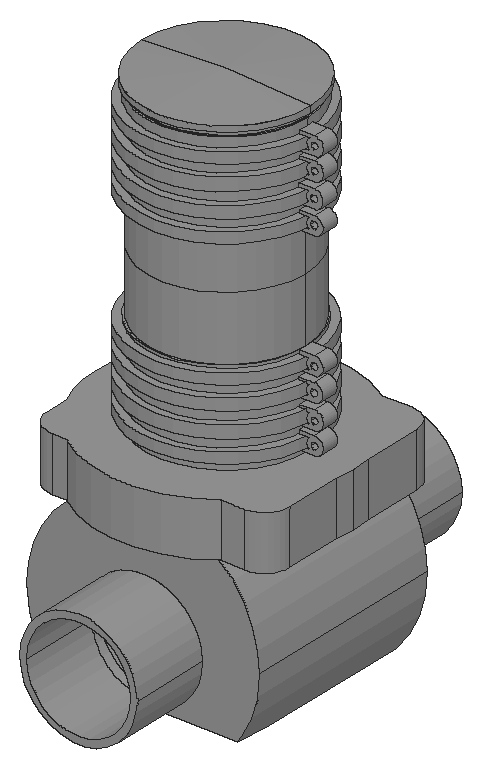
Revit family "BV1200-R", category Plumbing Fixtures, Revit 2013
Parameters
  URL = "www.mifab.com"
  Model = "BV-1200R"
  Manufacturer = "Mifab"
  Grate Material = Nickel Bronze
  Description = "Cast iron backwater valve with bronze flapper and nickel bronze access cover"
  Body Material = Cast iron
Reference planes (in)
  plane 1 "Center (Front/Back)": y = 0
  plane 2: z = 0
  plane 3 "Center (Left/Right)": x = 0
  plane 4: z = -52
Forms (in)
  Revolve 1, solid, material "Cast iron" <- "Body Material"
    sketch origin (0, 0, 0) x (1, 0, 0) y (0, 0, 1)
      loop
        line (-27.5885, 0) -> (-27.5885, -49) -> (-27.5885, -103.58011) -> (-25.19006, -103.58011) -> (-25.19006, -51.39844) -> (-25.19006, 0) -> (-27.5885, 0)
      axis (0, 0) -> (0, -103.58011)
    angle from 0 to 360
  Revolve 2, solid, material "Cast iron" <- "Body Material"
    sketch origin (0, 0, 47.33) x (1, 0, 0) y (0, 0, 1)
      loop
        line (28.32069, -80.08731) -> (28.32069, -79.17927) -> (31.12596, -79.17927) -> (31.12596, -75.45223) -> (28.32069, -75.45223) -> (28.32069, -71.38636) -> (31.12596, -71.38636) -> (31.12596, -67.3205) -> (28.41538, -67.3205) -> (28.41538, -62.91581) -> (31.12596, -62.91581) -> (31.12596, -58.51113) -> (28.41538, -58.51113) -> (28.41538, -54.44526) -> (31.12596, -54.44526) -> (31.12596, -50.71822) -> (28.41538, -50.71822) -> (28.41538, -47.42559) -> (25.02716, -47.42559) -> (25.02716, -80.08731) -> (28.32069, -80.08731)
      axis (0, -47.42559) -> (0, -80.08731)
    angle from 0 to 360
  Extrusion 3, solid, material "Cast iron" <- "Body Material"
    sketch origin (14.52794, 0, 46.08) x (1, 0, 0) y (0, 0, 1)
      loop
        line (14.06987, -49.43356) -> (17.91352, -49.43356)
        arc (17.91352, -49.43356) -> (16.72367, -51.4378) -> (18.08464, -53.33) r 2.12773
        line (18.08464, -53.33) -> (14.06987, -53.33) -> (14.06987, -54.56937) -> (19.31633, -54.56937)
        arc (19.31633, -54.56937) -> (22.44928, -51.43642) -> (19.31633, -48.30348) r 3.13295
        line (19.31633, -48.30348) -> (14.06987, -48.30348) -> (14.06987, -49.43356)
      loop
        circle (19.41354, -51.26914) r 1.25
    from -2.00738 to 3.80147
  Revolve 4, solid, material "Nickel Bronze" <- "Grate Material"
    sketch origin (0, 0, 0) x (1, 0, 0) y (0, 0, 1)
      loop
        line (-27.56987, -0.07059) -> (0, -0.07059) -> (0, 5.40427)
        arc (0, 5.40427) -> (-14.68338, 5.08345) -> (-29.31987, 3.86768) r 240.69237
        line (-29.31987, 3.86768) -> (-29.31987, 1.86768) -> (-27.56987, 1.86768) -> (-27.56987, -0.07059)
      axis (0, 5.40427) -> (0, -0.07059)
    angle from 0 to 360
  Extrusion 5, solid, material "Cast iron" <- "Body Material"
    sketch origin (14.52794, 0, 38.25244) x (1, 0, 0) y (0, 0, 1)
      loop
        line (14.06987, -49.43356) -> (17.91352, -49.43356)
        arc (17.91352, -49.43356) -> (16.72367, -51.4378) -> (18.08464, -53.33) r 2.12773
        line (18.08464, -53.33) -> (14.06987, -53.33) -> (14.06987, -54.56937) -> (19.31633, -54.56937)
        arc (19.31633, -54.56937) -> (22.44928, -51.43642) -> (19.31633, -48.30348) r 3.13295
        line (19.31633, -48.30348) -> (14.06987, -48.30348) -> (14.06987, -49.43356)
      loop
        circle (19.41354, -51.26914) r 1.25
    from -2.00738 to 3.80147
  Extrusion 6, solid, material "Cast iron" <- "Body Material"
    sketch origin (14.43013, 0, 29.58) x (1, 0, 0) y (0, 0, 1)
      loop
        line (14.06987, -49.43356) -> (17.91352, -49.43356)
        arc (17.91352, -49.43356) -> (16.72367, -51.4378) -> (18.08464, -53.33) r 2.12773
        line (18.08464, -53.33) -> (14.06987, -53.33) -> (14.06987, -54.56937) -> (19.31633, -54.56937)
        arc (19.31633, -54.56937) -> (22.44928, -51.43642) -> (19.31633, -48.30348) r 3.13295
        line (19.31633, -48.30348) -> (14.06987, -48.30348) -> (14.06987, -49.43356)
      loop
        circle (19.41354, -51.26914) r 1.25
    from -2.00738 to 3.80147
  Extrusion 7, solid, material "Cast iron" <- "Body Material"
    sketch origin (14.46904, 0, 21.31134) x (1, 0, 0) y (0, 0, 1)
      loop
        line (14.06987, -49.43356) -> (17.91352, -49.43356)
        arc (17.91352, -49.43356) -> (16.72367, -51.4378) -> (18.08464, -53.33) r 2.12773
        line (18.08464, -53.33) -> (14.06987, -53.33) -> (14.06987, -54.56937) -> (19.31633, -54.56937)
        arc (19.31633, -54.56937) -> (22.44928, -51.43642) -> (19.31633, -48.30348) r 3.13295
        line (19.31633, -48.30348) -> (14.06987, -48.30348) -> (14.06987, -49.43356)
      loop
        circle (19.41354, -51.26914) r 1.25
    from -2.00738 to 3.80147
  Revolve 8, solid, material "Cast iron" <- "Body Material"
    sketch origin (0, 0, -151.33) x (1, 0, 0) y (0, 0, -1)
      loop
        line (28.32069, -80.08731) -> (28.32069, -79.17927) -> (31.12596, -79.17927) -> (31.12596, -75.45223) -> (28.32069, -75.45223) -> (28.32069, -71.38636) -> (31.12596, -71.38636) -> (31.12596, -67.3205) -> (28.41538, -67.3205) -> (28.41538, -62.91581) -> (31.12596, -62.91581) -> (31.12596, -58.51113) -> (28.41538, -58.51113) -> (28.41538, -54.44526) -> (31.12596, -54.44526) -> (31.12596, -50.71822) -> (28.41538, -50.71822) -> (28.41538, -47.42559) -> (25.02716, -47.42559) -> (25.02716, -80.08731) -> (28.32069, -80.08731)
      axis (0, -47.42559) -> (0, -80.08731)
    angle from 0 to 360
  Extrusion 9, solid, material "Cast iron" <- "Body Material"
    sketch origin (14.52794, 0, -150.08) x (1, 0, 0) y (0, 0, 1)
      loop
        line (14.06987, 49.43356) -> (14.06987, 48.30348) -> (19.31633, 48.30348)
        arc (19.31633, 48.30348) -> (22.44928, 51.43642) -> (19.31633, 54.56937) r 3.13295
        line (19.31633, 54.56937) -> (14.06987, 54.56937) -> (14.06987, 53.33) -> (18.08464, 53.33)
        arc (18.08464, 53.33) -> (16.72367, 51.4378) -> (17.91352, 49.43356) r 2.12773
        line (17.91352, 49.43356) -> (14.06987, 49.43356)
      loop
        circle (19.41354, 51.26914) r 1.25
    from -2.00738 to 3.80147
  Extrusion 10, solid, material "Cast iron" <- "Body Material"
    sketch origin (14.52794, 0, -142.25244) x (1, 0, 0) y (0, 0, 1)
      loop
        line (14.06987, 49.43356) -> (14.06987, 48.30348) -> (19.31633, 48.30348)
        arc (19.31633, 48.30348) -> (22.44928, 51.43642) -> (19.31633, 54.56937) r 3.13295
        line (19.31633, 54.56937) -> (14.06987, 54.56937) -> (14.06987, 53.33) -> (18.08464, 53.33)
        arc (18.08464, 53.33) -> (16.72367, 51.4378) -> (17.91352, 49.43356) r 2.12773
        line (17.91352, 49.43356) -> (14.06987, 49.43356)
      loop
        circle (19.41354, 51.26914) r 1.25
    from -2.00738 to 3.80147
  Extrusion 11, solid, material "Cast iron" <- "Body Material"
    sketch origin (14.43013, 0, -133.58) x (1, 0, 0) y (0, 0, 1)
      loop
        line (14.06987, 49.43356) -> (14.06987, 48.30348) -> (19.31633, 48.30348)
        arc (19.31633, 48.30348) -> (22.44928, 51.43642) -> (19.31633, 54.56937) r 3.13295
        line (19.31633, 54.56937) -> (14.06987, 54.56937) -> (14.06987, 53.33) -> (18.08464, 53.33)
        arc (18.08464, 53.33) -> (16.72367, 51.4378) -> (17.91352, 49.43356) r 2.12773
        line (17.91352, 49.43356) -> (14.06987, 49.43356)
      loop
        circle (19.41354, 51.26914) r 1.25
    from -2.00738 to 3.80147
  Extrusion 12, solid, material "Cast iron" <- "Body Material"
    sketch origin (14.46904, 0, -125.31134) x (1, 0, 0) y (0, 0, 1)
      loop
        line (14.06987, 49.43356) -> (14.06987, 48.30348) -> (19.31633, 48.30348)
        arc (19.31633, 48.30348) -> (22.44928, 51.43642) -> (19.31633, 54.56937) r 3.13295
        line (19.31633, 54.56937) -> (14.06987, 54.56937) -> (14.06987, 53.33) -> (18.08464, 53.33)
        arc (18.08464, 53.33) -> (16.72367, 51.4378) -> (17.91352, 49.43356) r 2.12773
        line (17.91352, 49.43356) -> (14.06987, 49.43356)
      loop
        circle (19.41354, 51.26914) r 1.25
    from -2.00738 to 3.80147
Dimensions and locks (in)
  equal spacing: level, plane 4, nested 1, locked at 52 each
  aligned and locked: level to plane 2
  aligned and locked: Revolve 1 sketch curve to level
  aligned and locked: Revolve 1 sketch curve to plane 3 "Center (Left/Right)"
  aligned and locked: Revolve 1 sketch curve to Revolve 1 sketch curve  (x2)
  aligned and locked: Revolve 2 sketch curve to Revolve 2 sketch curve  (x6)
  aligned and locked: Revolve 4 sketch curve to plane 3 "Center (Left/Right)"
  aligned and locked: Revolve 8 sketch curve to Revolve 8 sketch curve  (x6)
Automatic sketch dimensions
  Revolve 1 sketch curve to plane 3 "Center (Left/Right)" = 2' - 3.5885"
  Revolve 1 sketch curve to plane 3 "Center (Left/Right)" = 2' - 1.19006"
  Revolve 1 sketch curve to plane 4 = 4' - 3.58011"
  plane 4 to Revolve 1 sketch curve = 0' - 0 77/128"
  plane 4 to Revolve 1 sketch curve = 0' - 3"
  Revolve 1 sketch curve to Revolve 1 sketch curve = 0' - 8.58011"
  level to Revolve 1 sketch curve = 1' - 0"
  Revolve 2 sketch curve to level = 0' - 0.09559"
  plane 3 "Center (Left/Right)" to Revolve 2 sketch curve = 2' - 1.02716"
  plane 4 to Revolve 2 sketch curve = 1' - 7.24269"
  Revolve 2 sketch curve to plane 3 "Center (Left/Right)" = 0' - 0"
  Revolve 2 sketch curve to Revolve 2 sketch curve = 0' - 3.29353"
  Revolve 2 sketch curve to Revolve 2 sketch curve = 0' - 0"
  Revolve 2 sketch curve to Revolve 2 sketch curve = 0' - 3.38822"
  Revolve 2 sketch curve to Revolve 2 sketch curve = 0' - 2.80526"
  Revolve 2 sketch curve to Revolve 2 sketch curve = 0' - 0.90804"
  Revolve 2 sketch curve to Revolve 2 sketch curve = 0' - 3.72704"
  Revolve 2 sketch curve to Revolve 2 sketch curve = 0' - 4.06586"  (x3)
  Revolve 2 sketch curve to Revolve 2 sketch curve = 0' - 4.40469"  (x2)
  Revolve 2 sketch curve to level = 0' - 3.38822"
  plane 4 to Revolve 2 sketch curve = 1' - 7"
  level to Revolve 2 sketch curve = 0' - 6"
  Extrusion 3 sketch curve to level = 0' - 3.35356"
  plane 3 "Center (Left/Right)" to Extrusion 3 sketch curve = 2' - 4.59781"
  Extrusion 3 sketch curve to level = 0' - 8.48937"
  Extrusion 3 sketch curve to Extrusion 3 sketch curve = 0' - 0"
  Extrusion 3 sketch curve to Extrusion 3 sketch curve = 0' - 3.84365"
  Extrusion 3 sketch curve to Extrusion 3 sketch curve = 0' - 0.17113"
  Extrusion 3 sketch curve to Extrusion 3 sketch curve = 0' - 1.23168"
  Extrusion 3 sketch curve to Extrusion 3 sketch curve = 0' - 0.46697"
  Extrusion 3 sketch curve to Extrusion 3 sketch curve = 0' - 0.09721"
  Extrusion 3 sketch curve to Extrusion 3 sketch curve = 0' - 1.23937"
  Extrusion 3 sketch curve to Extrusion 3 sketch curve = 0' - 1.13009"
  Extrusion 3 sketch curve to Extrusion 3 sketch curve = 0' - 0.16729"
  Extrusion 5 sketch curve to level = 0' - 11.18113"
  plane 3 "Center (Left/Right)" to Extrusion 5 sketch curve = 2' - 4.59781"
  Extrusion 5 sketch curve to level = 1' - 4.31694"
  Extrusion 5 sketch curve to Extrusion 5 sketch curve = 0' - 0"
  Extrusion 5 sketch curve to Extrusion 5 sketch curve = 0' - 3.84365"
  Extrusion 5 sketch curve to Extrusion 5 sketch curve = 0' - 0.17113"
  Extrusion 5 sketch curve to Extrusion 5 sketch curve = 0' - 1.23168"
  Extrusion 5 sketch curve to Extrusion 5 sketch curve = 0' - 0.46697"
  Extrusion 5 sketch curve to Extrusion 5 sketch curve = 0' - 0.09721"
  Extrusion 5 sketch curve to Extrusion 5 sketch curve = 0' - 1.23937"
  Extrusion 5 sketch curve to Extrusion 5 sketch curve = 0' - 1.13009"
  Extrusion 5 sketch curve to Extrusion 5 sketch curve = 0' - 0.16729"
  plane 3 "Center (Left/Right)" to Extrusion 6 sketch curve = 2' - 4 1/2"
  Extrusion 6 sketch curve to level = 2' - 0.98937"
  Extrusion 6 sketch curve to Extrusion 6 sketch curve = 0' - 0"
  Extrusion 6 sketch curve to Extrusion 6 sketch curve = 0' - 3.84365"
  Extrusion 6 sketch curve to Extrusion 6 sketch curve = 0' - 0.17113"
  Extrusion 6 sketch curve to Extrusion 6 sketch curve = 0' - 1.23168"
  Extrusion 6 sketch curve to Extrusion 6 sketch curve = 0' - 0.46697"
  Extrusion 6 sketch curve to Extrusion 6 sketch curve = 0' - 0.09721"
  Extrusion 6 sketch curve to Extrusion 6 sketch curve = 0' - 1.23937"
  Extrusion 6 sketch curve to Extrusion 6 sketch curve = 0' - 3.89644"
  Extrusion 6 sketch curve to Extrusion 6 sketch curve = 0' - 1.13009"
  Extrusion 6 sketch curve to Extrusion 6 sketch curve = 0' - 0.16729"
  plane 3 "Center (Left/Right)" to Extrusion 7 sketch curve = 2' - 4.53891"
  plane 4 to Extrusion 7 sketch curve = 1' - 6.74196"
  Extrusion 7 sketch curve to Extrusion 7 sketch curve = 0' - 0"
  Extrusion 7 sketch curve to Extrusion 7 sketch curve = 0' - 3.84365"
  Extrusion 7 sketch curve to Extrusion 7 sketch curve = 0' - 0.17113"
  Extrusion 7 sketch curve to Extrusion 7 sketch curve = 0' - 1.23168"
  Extrusion 7 sketch curve to Extrusion 7 sketch curve = 0' - 0.46697"
  Extrusion 7 sketch curve to Extrusion 7 sketch curve = 0' - 0.09721"
  Extrusion 7 sketch curve to Extrusion 7 sketch curve = 0' - 1.23937"
  Extrusion 7 sketch curve to Extrusion 7 sketch curve = 0' - 3.89644"
  Extrusion 7 sketch curve to Extrusion 7 sketch curve = 0' - 1.13009"
  Extrusion 7 sketch curve to Extrusion 7 sketch curve = 0' - 0.16729"
  Revolve 8 sketch curve to plane 3 "Center (Left/Right)" = 2' - 1.02716"
  plane 4 to Revolve 8 sketch curve = 1' - 7.24269"
  plane 3 "Center (Left/Right)" to Revolve 8 sketch curve = 0' - 0"
  Revolve 8 sketch curve to Revolve 8 sketch curve = 0' - 3.29353"
  Revolve 8 sketch curve to Revolve 8 sketch curve = 0' - 0"
  Revolve 8 sketch curve to Revolve 8 sketch curve = 0' - 3.38822"
  Revolve 8 sketch curve to Revolve 8 sketch curve = 0' - 2.80526"
  Revolve 8 sketch curve to Revolve 8 sketch curve = 0' - 0.90804"
  Revolve 8 sketch curve to Revolve 8 sketch curve = 0' - 3.72704"  (x2)
  Revolve 8 sketch curve to Revolve 8 sketch curve = 0' - 4.06586"  (x3)
  Revolve 8 sketch curve to Revolve 8 sketch curve = 0' - 4.40469"  (x2)
  Revolve 8 sketch curve to Revolve 8 sketch curve = 0' - 3.29263"
  plane 4 to Revolve 8 sketch curve = 1' - 7"
  Revolve 8 sketch curve to Revolve 8 sketch curve = 0' - 6.09559"
  Extrusion 9 sketch curve to plane 3 "Center (Left/Right)" = 2' - 4.59781"
  plane 4 to Extrusion 9 sketch curve = 3' - 7.51063"
  Extrusion 9 sketch curve to Extrusion 9 sketch curve = 0' - 0"
  Extrusion 9 sketch curve to Extrusion 9 sketch curve = 0' - 3.84365"
  Extrusion 9 sketch curve to Extrusion 9 sketch curve = 0' - 0.17113"
  Extrusion 9 sketch curve to Extrusion 9 sketch curve = 0' - 1.23168"
  Extrusion 9 sketch curve to Extrusion 9 sketch curve = 0' - 0.46697"
  Extrusion 9 sketch curve to Extrusion 9 sketch curve = 0' - 0.09721"
  Extrusion 9 sketch curve to Extrusion 9 sketch curve = 0' - 1.23937"
  Extrusion 9 sketch curve to Extrusion 9 sketch curve = 0' - 3.89644"
  Extrusion 9 sketch curve to Extrusion 9 sketch curve = 0' - 1.13009"
  Extrusion 9 sketch curve to Extrusion 9 sketch curve = 0' - 0.16729"
  Extrusion 10 sketch curve to plane 3 "Center (Left/Right)" = 2' - 4.59781"
  plane 4 to Extrusion 10 sketch curve = 2' - 11.68306"
  Extrusion 10 sketch curve to Extrusion 10 sketch curve = 0' - 0"
  Extrusion 10 sketch curve to Extrusion 10 sketch curve = 0' - 3.84365"
  Extrusion 10 sketch curve to Extrusion 10 sketch curve = 0' - 0.17113"
  Extrusion 10 sketch curve to Extrusion 10 sketch curve = 0' - 1.23168"
  Extrusion 10 sketch curve to Extrusion 10 sketch curve = 0' - 0.46697"
  Extrusion 10 sketch curve to Extrusion 10 sketch curve = 0' - 0.09721"
  Extrusion 10 sketch curve to Extrusion 10 sketch curve = 0' - 1.23937"
  Extrusion 10 sketch curve to Extrusion 10 sketch curve = 0' - 3.89644"
  Extrusion 10 sketch curve to Extrusion 10 sketch curve = 0' - 1.13009"
  Extrusion 10 sketch curve to Extrusion 10 sketch curve = 0' - 0.16729"
  Extrusion 11 sketch curve to plane 3 "Center (Left/Right)" = 2' - 4 1/2"
  plane 4 to Extrusion 11 sketch curve = 2' - 3.01063"
  Extrusion 11 sketch curve to Extrusion 11 sketch curve = 0' - 0"
  Extrusion 11 sketch curve to Extrusion 11 sketch curve = 0' - 3.84365"
  Extrusion 11 sketch curve to Extrusion 11 sketch curve = 0' - 0.17113"
  Extrusion 11 sketch curve to Extrusion 11 sketch curve = 0' - 1.23168"
  Extrusion 11 sketch curve to Extrusion 11 sketch curve = 0' - 0.46697"
  Extrusion 11 sketch curve to Extrusion 11 sketch curve = 0' - 0.09721"
  Extrusion 11 sketch curve to Extrusion 11 sketch curve = 0' - 1.23937"
  Extrusion 11 sketch curve to Extrusion 11 sketch curve = 0' - 3.89644"
  Extrusion 11 sketch curve to Extrusion 11 sketch curve = 0' - 1.13009"
  Extrusion 11 sketch curve to Extrusion 11 sketch curve = 0' - 0.16729"
  Extrusion 12 sketch curve to plane 3 "Center (Left/Right)" = 2' - 4.53891"
  plane 4 to Extrusion 12 sketch curve = 1' - 6.74196"
  Extrusion 12 sketch curve to Extrusion 12 sketch curve = 0' - 0"
  Extrusion 12 sketch curve to Extrusion 12 sketch curve = 0' - 3.84365"
  Extrusion 12 sketch curve to Extrusion 12 sketch curve = 0' - 0.17113"
  Extrusion 12 sketch curve to Extrusion 12 sketch curve = 0' - 1.23168"
  Extrusion 12 sketch curve to Extrusion 12 sketch curve = 0' - 0.46697"
  Extrusion 12 sketch curve to Extrusion 12 sketch curve = 0' - 0.09721"
  Extrusion 12 sketch curve to Extrusion 12 sketch curve = 0' - 1.23937"
  Extrusion 12 sketch curve to Extrusion 12 sketch curve = 0' - 3.89644"
  Extrusion 12 sketch curve to Extrusion 12 sketch curve = 0' - 1.13009"
  Extrusion 12 sketch curve to Extrusion 12 sketch curve = 0' - 0.16729"
  Revolve 4 sketch curve to plane 3 "Center (Left/Right)" = 0' - 0"
  Revolve 4 sketch curve to level = 0' - 0.07059"
  Revolve 4 sketch curve to plane 3 "Center (Left/Right)" = 2' - 3.56987"
  Revolve 4 sketch curve to Revolve 4 sketch curve = 0' - 1 3/4"
  Revolve 4 sketch curve to plane 3 "Center (Left/Right)" = 0' - 2.08652"
  level to Revolve 4 sketch curve = 0' - 1.86768"
  Revolve 4 sketch curve to Revolve 4 sketch curve = 0' - 2"
  level to Revolve 4 sketch curve = 0' - 5.40427"
  Revolve 4 sketch curve to Revolve 4 sketch curve = 0' - 4.74994"
  level to Revolve 4 sketch curve = 0' - 1.55882"
  radius of Extrusion 3 sketch curve = 0' - 1 1/4"
  radius of Extrusion 5 sketch curve = 0' - 1 1/4"
  radius of Extrusion 6 sketch curve = 0' - 1 1/4"
  radius of Extrusion 7 sketch curve = 0' - 1 1/4"
  radius of Extrusion 9 sketch curve = 0' - 1 1/4"
  radius of Extrusion 10 sketch curve = 0' - 1 1/4"
  radius of Extrusion 11 sketch curve = 0' - 1 1/4"
  radius of Extrusion 12 sketch curve = 0' - 1 1/4"
Nested families (in)
  nested 1: "BV1000" at (0, -2.80147, -116.06522), type "BV1003-3'"
Definition of nested family "BV1000"
  Parameters (values of type "BV1004-4'")
    uper cover = B / 6  # 0' - 7 1/2"
    main body = C * 2 + 0' 4 205/256"  # 7' - 7 205/256"
    connection thicknes = Connection size + 0' 2 51/128"  # 2' - 2 51/128"
    Upper circle = B * 1.1  # 4' - 1 1/2"
    URL = "www.mifab.com"
    Thickness of upper portion = B / 2.3  # 1' - 7.56522"
    Radious = Thickness of upper portion / 2  # 0' - 9.78261"
    Model = "BV-1000"
    Mian body 2 = C + connection thicknes  # 5' - 9 115/128"
    Manufacturer = "Mifab"
    Length of outlet = A / 5  # 2' - 7.6651"
    Length of intake = A / 3.5  # 3' - 9.23586"
    Intake hub = A - Outlet  # 7' - 5.48833"
    Outlet = A / 2.3  # 5' - 8.83717"
    Hole 2 = Connection size * 0.4  # 0' - 9.6"
    Hole 1 = Connection size * 0.45  # 0' - 10.8"
    HOLE = Upper circle * 0.06  # 0' - 2.97"
    Description = "Cast iron backwater valve with bronze flapper"
    Connection size = 2' - 0"
    C1 = 3' - 6.54666"
    C = 3' - 7 1/2"
    Body Material = Cast iron
    Blend for Main body 2 = Mian body 2 - 0' 2 51/128"  # 5' - 7 1/2"
    Blend for B = B - 0' 2 51/128"  # 3' - 6 77/128"
    Blend for 2 = B - 0' 2 51/128"  # 3' - 6 77/128"
    B = 3' - 9"
    A = 13' - 2.3255"
  Types (7): name | uper cover | main body | connection thicknes | Upper circle | Thickness of upper portion | Radious | Mian body 2 | Length of outlet | Length of intake | Intake hub | Outlet | Hole 2 | Hole 1 | HOLE | Connection size | C1 | C | Blend for Main body 2 | Blend for B | Blend for 2 | B | A
    (no name) | 0' - 7 1/2" | 7' - 7 205/256" | 2' - 2 51/128" | 4' - 1 1/2" | 1' - 7.56522" | 0' - 9.78261" | 5' - 9 115/128" | 2' - 7.6651" | 3' - 9.23586" | 7' - 5.48833" | 5' - 8.83717" | 0' - 9.6" | 0' - 10.8" | 0' - 2.97" | 2' - 0" | 3' - 6.54666" | 3' - 7 1/2" | 5' - 7 1/2" | 3' - 6 77/128" | 3' - 6 77/128" | 3' - 9" | 13' - 2.3255"
    BV1004-4' | 0' - 7 1/2" | 7' - 7 205/256" | 2' - 2 51/128" | 4' - 1 1/2" | 1' - 7.56522" | 0' - 9.78261" | 5' - 9 115/128" | 2' - 7.6651" | 3' - 9.23586" | 7' - 5.48833" | 5' - 8.83717" | 0' - 9.6" | 0' - 10.8" | 0' - 2.97" | 2' - 0" | 3' - 6.54666" | 3' - 7 1/2" | 5' - 7 1/2" | 3' - 6 77/128" | 3' - 6 77/128" | 3' - 9" | 13' - 2.3255"
    BV1002-2' | 0' - 5 1/2" | 5' - 3 77/256" | 1' - 2 51/128" | 3' - 0.3" | 1' - 2.34783" | 0' - 7.17391" | 3' - 7 83/128" | 2' - 1.8" | 3' - 0.85714" | 6' - 0.91304" | 4' - 8.08696" | 0' - 4.8" | 0' - 5.4" | 0' - 2.178" | 1' - 0" | 2' - 1 1/2" | 2' - 5 1/4" | 3' - 5 1/4" | 2' - 6 77/128" | 2' - 6 77/128" | 2' - 9" | 10' - 9"
    BV1010-10' | 1' - 1 1/2" | 14' - 4 205/256" | 5' - 2 51/128" | 7' - 5.1" | 2' - 11.21739" | 1' - 5.6087" | 12' - 2 51/128" | 4' - 8.7" | 6' - 9" | 13' - 4.23913" | 10' - 3.26087" | 2' - 0" | 2' - 3" | 0' - 5.346" | 5' - 0" | 7' - 6" | 7' - 0" | 12' - 0" | 6' - 6 77/128" | 6' - 6 77/128" | 6' - 9" | 23' - 7 1/2"
    BV1003-3' | 0' - 6 3/4" | 7' - 2 103/256" | 1' - 8 51/128" | 3' - 8.55" | 1' - 5.6087" | 0' - 8.80435" | 5' - 1 51/256" | 2' - 4.2" | 3' - 4.28571" | 6' - 7.69565" | 5' - 1.30435" | 0' - 7.2" | 0' - 8.1" | 0' - 2.673" | 1' - 6" | 3' - 1 1/2" | 3' - 4 205/256" | 4' - 10 205/256" | 3' - 2 13/128" | 3' - 2 13/128" | 3' - 4 1/2" | 11' - 9"
    BV1006-6' | 0' - 10" | 10' - 4 205/256" | 3' - 2 51/128" | 5' - 6" | 2' - 2.08696" | 1' - 1.04348" | 8' - 2 51/128" | 2' - 11.4" | 4' - 2.57143" | 8' - 4.04348" | 6' - 4.95652" | 1' - 2.4" | 1' - 4.2" | 0' - 3.96" | 3' - 0" | 4' - 7 1/2" | 5' - 0" | 8' - 0" | 4' - 9 77/128" | 4' - 9 77/128" | 5' - 0" | 14' - 9"
    BV1008-8' | 1' - 0 1/4" | 14' - 4 205/256" | 4' - 2 51/128" | 6' - 8.85" | 2' - 7.95652" | 1' - 3.97826" | 11' - 2 51/128" | 3' - 4.8" | 4' - 10.28571" | 9' - 7.30435" | 7' - 4.69565" | 1' - 7.2" | 1' - 9.6" | 0' - 4.851" | 4' - 0" | 6' - 6" | 7' - 0" | 11' - 0" | 5' - 11 13/128" | 5' - 11 13/128" | 6' - 1 1/2" | 17' - 0"
  Reference planes (in)
    plane 1 "Center (Front/Back)": y = 0
    plane 2: z = 0
    plane 3 "Center (Left/Right)": x = 0
    plane 4: z = -42.54666
    plane 5: y = 89.48833
    plane 6: y = -68.83717
    plane 7: z = -43.5
    plane 8: z = -42.54666
    plane 9: z = -42.54666
    plane 10: y = 2.5
  Forms (in)
    Extrusion 1, solid, material "Cast iron" <- "Body Material"
      sketch origin (0, 0, 0) x (1, 0, 0) y (0, 0, 1)
        loop
          circle (0, -42.54666) r 45
      from -44.25247 to 37.17207
    Extrusion 2, solid, material "Cast iron" <- "Body Material"
      sketch origin (0, 0, 0) x (1, 0, 0) y (0, 0, 1)
        loop
          circle (0, -43.5) r 24
        loop
          circle (0, -43.5) r 26.39844
      from 37.17207 to 68.83717
    Extrusion 3, solid, material "Cast iron" <- "Body Material"
      sketch origin (0, 0, 10.45334) x (1, 0, 0) y (0, 0, 1)
        loop
          circle (0, -53) r 24
        loop
          circle (0, -53) r 26.39844
      from -89.48833 to -44.25247
    Extrusion 4, void
      sketch origin (0, 0, 0) x (0, 1, 0) y (0, 0, 1)
        loop
          line (-45.37938, -91.80078) -> (86.08606, -91.80078) -> (-37.17207, -69.89844) -> (-45.37938, -69.89844) -> (-45.37938, -91.80078)
      from -119.45713 to 93.14963
    Extrusion 5, void
      sketch origin (0, 0, 0) x (1, 0, 0) y (0, 0, 1)
        loop
          line (-32.6615, -69.89844) -> (32.6615, -69.89844)
          arc (32.6615, -69.89844) -> (0, 0.0549) -> (-32.6615, -69.89844) r 42.60156
      from -40.87603 to 33.80339
    Extrusion 6, void
      sketch origin (0, 0, 0) x (1, 0, 0) y (0, 0, 1)
        loop
          circle (0, -43.5) r 24
      from 33.80339 to 68.83717
    Extrusion 7, void
      sketch origin (0, 0, 0) x (1, 0, 0) y (0, 0, 1)
        loop
          circle (0, -42.54666) r 24
      from -89.48833 to -40.87603
    Extrusion 8, solid, material "Cast iron" <- "Body Material"
      sketch origin (0, 0, 0) x (1, 0, 0) y (0, 1, 0)
        loop
          line (-45, 34.46986) -> (-45, -27.38946)
          arc (-45, -27.38946) -> (-42.13474, -34.30681) -> (-35.21739, -37.17207) r 9.78261
          line (-35.21739, -37.17207) -> (35.21739, -37.17207)
          arc (35.21739, -37.17207) -> (42.13474, -34.30681) -> (45, -27.38946) r 9.78261
          line (45, -27.38946) -> (45, 34.46986)
          arc (45, 34.46986) -> (42.13474, 41.38721) -> (35.21739, 44.25247) r 9.78261
          line (35.21739, 44.25247) -> (-35.21739, 44.25247)
          arc (-35.21739, 44.25247) -> (-42.13474, 41.38721) -> (-45, 34.46986) r 9.78261
      from -7.5 to 12.06522
    Extrusion 9, solid, material "Cast iron" <- "Body Material"
      sketch origin (0, 0, 0) x (1, 0, 0) y (0, 1, 0)
        loop
          circle (0, 2.5) r 49.5
      from -7.5 to 12.06522
  Cuts and joins
    Extrusion 4, Extrusion 5, Extrusion 6, Extrusion 7 cuts Extrusion 1
    Extrusion 5, Extrusion 6 cuts Extrusion 3
    joined: Extrusion 1, Extrusion 2, Extrusion 3, Extrusion 8, Extrusion 9
  Dimensions and locks (in)
    "C": plane 7 to plane 2
    "C1": plane 8 to plane 2
    "A": plane 6 to plane 5
    "Intake hub": plane 1 "Center (Front/Back)" to plane 5
    "Outlet": plane 6 to plane 1 "Center (Front/Back)"
    "C1": plane 4 to plane 2
    "main body": Extrusion 4 to level
    "Mian body 2": level to Extrusion 4
    "Length of intake": cut or joined group 1 (Extrusion 1, Extrusion 2, Extrusion 3, Extrusion 4, Extrusion 5, Extrusion 6, Extrusion 7, Extrusion 8, Extrusion 9) to plane 5
    "Length of outlet": plane 6 to cut or joined group 1
    locked: cut or joined group 1 to Extrusion 5 at 3.36868
    "C1": level to plane 9
    "Mian body 2": Extrusion 5 sketch curve to level
    locked: cut or joined group 1 to cut or joined group 1 at 3.37643
    "C": level to Extrusion 6 sketch curve
    "C1": level to Extrusion 7 sketch curve
    "B": plane 3 "Center (Left/Right)" to Extrusion 8
    equal spacing: Extrusion 8, plane 3 "Center (Left/Right)", Extrusion 8
    "uper cover": Extrusion 8 to level
    Extrusion 8 to Extrusion 8 = 1' - 7.56522"
    locked: plane 10 to plane 1 "Center (Front/Back)" at 2.5
    "Connection size": radius of Extrusion 3 sketch curve
    "connection thicknes": radius of Extrusion 3 sketch curve
    "Connection size": radius of Extrusion 2 sketch curve
    "connection thicknes": radius of Extrusion 2 sketch curve
    "B": radius of Extrusion 1 sketch curve
    "Blend for B": radius of Extrusion 5 sketch curve
    "Connection size": radius of Extrusion 6 sketch curve
    "Connection size": radius of Extrusion 7 sketch curve
    "Radious": radius of Extrusion 8 sketch curve  (x4)
    "Upper circle": radius of Extrusion 9 sketch curve
    aligned and locked: level to plane 2
    aligned and locked: Extrusion 2 to plane 6
    aligned and locked: plane 5 to Extrusion 3
    aligned and locked: Extrusion 2 to Extrusion 1
    aligned and locked: Extrusion 3 to Extrusion 1
    aligned and locked: plane 3 "Center (Left/Right)" to Extrusion 1 sketch curve
    aligned and locked: plane 4 to Extrusion 1 sketch curve
    aligned and locked: cut or joined group 1 to Extrusion 4 sketch curve
    aligned and locked: plane 9 to Extrusion 5 sketch curve
    aligned and locked: plane 3 "Center (Left/Right)" to Extrusion 5 sketch curve
    aligned and locked: plane 3 "Center (Left/Right)" to Extrusion 6 sketch curve
    aligned and locked: Extrusion 6 to plane 6
    aligned and locked: Extrusion 6 to cut or joined group 1
    aligned and locked: plane 3 "Center (Left/Right)" to Extrusion 7 sketch curve
    aligned and locked: plane 5 to Extrusion 7
    aligned and locked: Extrusion 7 to cut or joined group 1
    aligned and locked: cut or joined group 1 to Extrusion 8 sketch curve  (x2)
    aligned and locked: cut or joined group 1 to Extrusion 8
    aligned and locked: Extrusion 8 to cut or joined group 1
    aligned and locked: Extrusion 9 to cut or joined group 1  (x2)
    aligned and locked: plane 3 "Center (Left/Right)" to Extrusion 9 sketch curve
    aligned and locked: plane 10 to Extrusion 9 sketch curve
  Automatic sketch dimensions
    plane 6 to Extrusion 4 sketch curve = 1' - 11.45779"
    Extrusion 4 sketch curve to level = 7' - 7 205/256"
    Extrusion 4 sketch curve to plane 5 = 0' - 3.40226"
    Extrusion 4 sketch curve to Extrusion 4 sketch curve = 1' - 9 231/256"
    Extrusion 2 sketch curve to Extrusion 2 sketch curve = 0' - 0"  (x2)
    Extrusion 2 sketch curve to plane 3 "Center (Left/Right)" = 0' - 0"
    Extrusion 2 sketch curve to plane 7 = 0' - 0"
    Extrusion 3 sketch curve to Extrusion 3 sketch curve = 0' - 0"  (x2)
    Extrusion 3 sketch curve to plane 3 "Center (Left/Right)" = 0' - 0"
    Extrusion 3 sketch curve to plane 8 = 0' - 0"
    Extrusion 8 sketch curve to plane 3 "Center (Left/Right)" = 3' - 9"
    plane 3 "Center (Left/Right)" to Extrusion 8 sketch curve = 2' - 11.21739"
